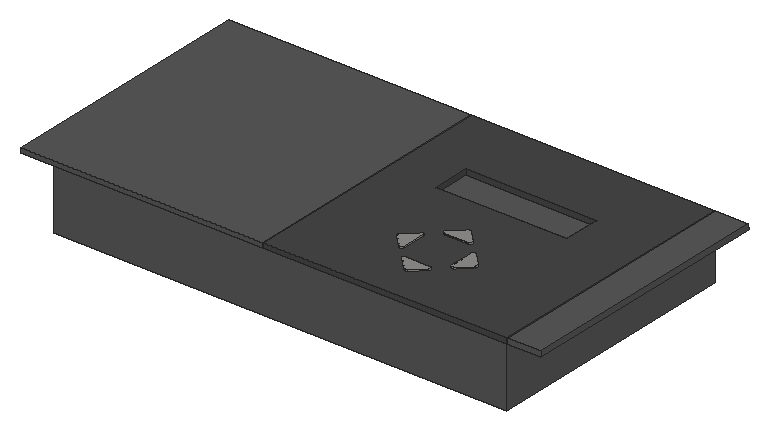
Revit family "Electronics_Masking-Generators_Biamp_Cambridge_Sound-Masking-Control-Module_QT-100", category Communication Devices, host Face, Revit 2020
Family settings
  Host = Face
  Maintain Annotation Orientation = No
  Round Connector Dimension = Use Diameter
  Part Type = Normal
  OmniClass Number = 23.85.10.11.11
  OmniClass Title = Sound and Signal Devices
  Cut with Voids When Loaded = No
  Shared = No
  Room Calculation Point = No
Parameters (values of type "Qt 100")
  Width = 7.00"  # constant formula
  Weight = 0.38 lbf  # constant formula
  Voltage = 120 V
  URL = "https://www.biamp.com/"
  Temperature Range = "40 - 90° F (4 – 32° C)"  # constant formula
  Remote Control = "Captive Screw Terminal; Logic Status (5VDC)\r"  # constant formula
  Product data url = "https://www.bimobject.com/biamp/product/qt-100_masking-generator"
  Product Page URL = "https://www.biamp.com/products/product-families/cambridge/masking-generators#qt-100"
  Product Documentation Link = "https://downloads.biamp.com/assets/docs/default-source/data-sheets/biamp_data_sheet_qt_100-jun21.pdf"
  Power Factor = 1
  Output Connections = "2 RJ-45"  # constant formula
  Number of Remote Control Inputs = "1"  # constant formula
  Number of Poles = 1
  Number of Remote Control Outputs = "1"  # constant formula
  Number of Non-Correlated Masking Sources = "4"  # constant formula
  Number of Masking Zones = "1 (2 cable runs per zone)"  # constant formula
  Model = "Qt 100"
  Minimum Output Impedance = "2Ω (per channel)"  # constant formula
  Minimum Masking SPL = "30dBA"  # constant formula
  Maximum Music/Paging SPL = "62dBA"  # constant formula
  Maximum Masking SPL = "60dBA"  # constant formula
  Max Emitter/Device Capacity = "60 Qt Emitters or Room Controls per cable run\r"  # constant formula
  Max Emitter Cabling Distance = "1000 feet (300m) per cable run"  # constant formula
  Masking Level Adjustment = "0.5dB steps"  # constant formula
  Manufacturer = "Biamp"  # constant formula
  Input Type = "Contact Closure (Normally Open)\r"  # constant formula
  Input Level Adjustment = "1dB steps"  # constant formula
  Input Level = "+4dBu (2VRMS max)"  # constant formula
  Input Impedance = "5kΩ"  # constant formula
  Input Connector = "Captive Screw Terminal & Coax Power Plug (center pin positive)"  # constant formula
  Included Accessories = "ACT Hole Saw"  # constant formula
  Humidity = "0-95% relative humidity (non-condensing)"  # constant formula
  Housing Material = Biamp - Plastic - Black
  Height = 3.50"  # constant formula
  Frequency Response Sound Masking = "200Hz to 6.3kHz"  # constant formula
  Frequency Response Music/Paging = "200Hz to 10kHz"  # constant formula
  Description = "QT® 100 Sound Masking Control Module"  # constant formula
  Depth = 0.875"  # constant formula
  Default Elevation = 48.00"
  Current = 0.6 A
  Connector Type = "Captive Screw Terminal\r"  # constant formula
  Connector Description = "Captive Screw Terminal & Coax Power Plug (center pin positive); 120VAC 50/60Hz"  # constant formula
  Compliance = "FCC Part 15B (USA), ETL Listed (USA and Canada), CE Marked (Europe), RoHS Directive (Europe), Green Spec Listed"  # constant formula
  Audio Inputs Number of Inputs = "1 (Stereo or Mono)"  # constant formula
  Assembly Code = ""
  Apparent Load = Voltage * Current  # 72 VA
  Altitude = "0-6,600 ft (0-2000m) MSL"  # constant formula
Reference planes (in)
  plane 1 "Center (Front/Back)": y = 0
  plane 2: z = 0
  plane 3 "Center (Left/Right)": x = 0
  plane 4: x = -3.5
  plane 5: x = 3.5
  plane 6: y = 1.75
  plane 7: y = -1.75
  plane 8: z = 0.875
Forms (in)
  Extrusion 1, solid, material "Biamp - Plastic - Black" <- "Housing Material"
    sketch origin (0, 1.74435, 0.4375) x (0, -1, 0) y (1, 0, 0)
      loop
        line (-0.00565, -3.5) -> (3.49435, -3.5) -> (3.49435, -0.23379) -> (-0.00565, -0.23379) -> (-0.00565, -3.5)
      loop
        line (-0.00565, 3.5) -> (-0.00565, 3.05029) -> (3.49435, 3.05029) -> (3.49435, 3.5) -> (-0.00565, 3.5)
    from 0.3688 to 0.4375
  Extrusion 2, solid, material "Biamp - Plastic - Black" <- "Housing Material"
    sketch origin (0, 1.74435, 0.4375) x (0, -1, 0) y (1, 0, 0)
      loop
        line (3.49435, 3.05029) -> (-0.00565, 3.05029) -> (-0.00565, -3.05029) -> (3.49435, -3.05029) -> (3.49435, 3.05029)
    from -0.4375 to 0.3688
  Extrusion 3, solid, material "Biamp - LCD - Black", detail levels medium+fine
    sketch origin (0, 1.74435, 0.4375) x (0, -1, 0) y (1, 0, 0)
      loop
        line (3.49435, -0.23379) -> (3.49435, 3.05029) -> (-0.00565, 3.05029) -> (-0.00565, -0.23379) -> (3.49435, -0.23379)
      loop
        line (2.67248, 1.68306) -> (2.51958, 1.83596)
        arc (2.51958, 1.83596) -> (2.49025, 1.84811) -> (2.46093, 1.83596) r 0.04147
        line (2.46093, 1.83596) -> (2.30803, 1.68306)
        arc (2.30803, 1.68306) -> (2.3017, 1.65125) -> (2.32867, 1.63322) r 0.02919
        line (2.32867, 1.63322) -> (2.65183, 1.63322)
        arc (2.65183, 1.63322) -> (2.67881, 1.65125) -> (2.67248, 1.68306) r 0.02919
      loop
        arc (2.67248, 0.93725) -> (2.67881, 0.96906) -> (2.65183, 0.98708) r 0.02919
        line (2.65183, 0.98708) -> (2.32867, 0.98708)
        arc (2.32867, 0.98708) -> (2.3017, 0.96906) -> (2.30803, 0.93725) r 0.02919
        line (2.30803, 0.93725) -> (2.46093, 0.78435)
        arc (2.46093, 0.78435) -> (2.49025, 0.7722) -> (2.51958, 0.78435) r 0.04147
        line (2.51958, 0.78435) -> (2.67248, 0.93725)
      loop
        line (2.86316, 1.12793) -> (3.01606, 1.28083)
        arc (3.01606, 1.28083) -> (3.02821, 1.31015) -> (3.01606, 1.33948) r 0.04147
        line (3.01606, 1.33948) -> (2.86316, 1.49238)
        arc (2.86316, 1.49238) -> (2.83135, 1.4987) -> (2.81332, 1.47173) r 0.02919
        line (2.81332, 1.47173) -> (2.81332, 1.14857)
        arc (2.81332, 1.14857) -> (2.83135, 1.1216) -> (2.86316, 1.12793) r 0.02919
      loop
        arc (2.11735, 1.12793) -> (2.14916, 1.1216) -> (2.16718, 1.14857) r 0.02919
        line (2.16718, 1.14857) -> (2.16718, 1.47173)
        arc (2.16718, 1.47173) -> (2.14916, 1.4987) -> (2.11735, 1.49238) r 0.02919
        line (2.11735, 1.49238) -> (1.96445, 1.33948)
        arc (1.96445, 1.33948) -> (1.9523, 1.31015) -> (1.96445, 1.28083) r 0.04147
        line (1.96445, 1.28083) -> (2.11735, 1.12793)
      loop
        line (1.44354, 0.44708) -> (1.44354, 2.21662) -> (0.93964, 2.21662) -> (0.93964, 0.44708) -> (1.44354, 0.44708)
    from 0.3688 to 0.4375
  Extrusion 4, solid, material "Biamp - Glass - Green", detail levels medium+fine
    sketch origin (0, 1.74435, 0.4375) x (0, -1, 0) y (1, 0, 0)
      loop
        line (0.93964, 0.44708) -> (1.44354, 0.44708) -> (1.44354, 2.21662) -> (0.93964, 2.21662) -> (0.93964, 0.44708)
    from 0.3688 to 0.4375
  Extrusion 5, solid, material "Biamp - Plastic - Gray", detail levels medium+fine
    sketch origin (0, 1.74435, 0.4375) x (0, -1, 0) y (1, 0, 0)
      loop
        line (2.67248, 1.68306) -> (2.51958, 1.83596)
        arc (2.51958, 1.83596) -> (2.49025, 1.84811) -> (2.46093, 1.83596) r 0.04147
        line (2.46093, 1.83596) -> (2.30803, 1.68306)
        arc (2.30803, 1.68306) -> (2.3017, 1.65125) -> (2.32867, 1.63322) r 0.02919
        line (2.32867, 1.63322) -> (2.65183, 1.63322)
        arc (2.65183, 1.63322) -> (2.67881, 1.65125) -> (2.67248, 1.68306) r 0.02919
      loop
        arc (2.67248, 0.93725) -> (2.67881, 0.96906) -> (2.65183, 0.98708) r 0.02919
        line (2.65183, 0.98708) -> (2.32867, 0.98708)
        arc (2.32867, 0.98708) -> (2.3017, 0.96906) -> (2.30803, 0.93725) r 0.02919
        line (2.30803, 0.93725) -> (2.46093, 0.78435)
        arc (2.46093, 0.78435) -> (2.49025, 0.7722) -> (2.51958, 0.78435) r 0.04147
        line (2.51958, 0.78435) -> (2.67248, 0.93725)
      loop
        line (2.86316, 1.12793) -> (3.01606, 1.28083)
        arc (3.01606, 1.28083) -> (3.02821, 1.31015) -> (3.01606, 1.33948) r 0.04147
        line (3.01606, 1.33948) -> (2.86316, 1.49238)
        arc (2.86316, 1.49238) -> (2.83135, 1.4987) -> (2.81332, 1.47173) r 0.02919
        line (2.81332, 1.47173) -> (2.81332, 1.14857)
        arc (2.81332, 1.14857) -> (2.83135, 1.1216) -> (2.86316, 1.12793) r 0.02919
      loop
        arc (2.11735, 1.12793) -> (2.14916, 1.1216) -> (2.16718, 1.14857) r 0.02919
        line (2.16718, 1.14857) -> (2.16718, 1.47173)
        arc (2.16718, 1.47173) -> (2.14916, 1.4987) -> (2.11735, 1.49238) r 0.02919
        line (2.11735, 1.49238) -> (1.96445, 1.33948)
        arc (1.96445, 1.33948) -> (1.9523, 1.31015) -> (1.96445, 1.28083) r 0.04147
        line (1.96445, 1.28083) -> (2.11735, 1.12793)
    from 0.3688 to 0.44881
  Extrusion 6, solid, material "Biamp - LCD - Black", detail levels coarse
    sketch origin (0, 1.74435, 0.4375) x (0, -1, 0) y (1, 0, 0)
      loop
        line (3.49435, -0.23379) -> (3.49435, 3.05029) -> (-0.00565, 3.05029) -> (-0.00565, -0.23379) -> (3.49435, -0.23379)
    from 0.3688 to 0.4375
  Extrusion 7, solid, not visible
    sketch origin (0, 0, 0) x (0, 1, 0) y (0, 0, 1)
      loop
        circle (0.45664, 0.42773) r 0.1
      loop
        circle (0.69549, 0.42773) r 0.1
      loop
        circle (0.22227, 0.42773) r 0.1
      loop
        circle (-0.01211, 0.42773) r 0.1
      loop
        circle (-0.24648, 0.42773) r 0.1
    from -3.05029 to -2.89545
Lines and regions (in)
  Masking region 1
    outline origin (0, 0, 0) x (1, 0, 0) y (0, 0, 1)
      loop
        line (-3.5, 0.875) -> (-3.5, 0.8063) -> (-3.05029, 0.8063) -> (-3.05029, 0) -> (3.05029, 0) -> (3.05029, 0.8063) -> (3.5, 0.8063) -> (3.5, 0.875) -> (-3.5, 0.875)
  symbolic lines
    curve 1: line (-3.05029, 0, 0.8063) -> (3.05029, 0, 0.8063)
Dimensions and locks (in)
  equal spacing: plane 6, plane 1 "Center (Front/Back)", plane 7
  equal spacing: plane 4, plane 3 "Center (Left/Right)", plane 5
  "Width": plane 4 to plane 5
  "Height": plane 6 to plane 7
  "Depth": plane 8 to plane 2
  aligned and locked: plane 2 to host face
  aligned and locked: level to host face
Automatic sketch dimensions
  host sketch curve to host sketch curve = 96.00"  (x2)
  Extrusion 1 sketch curve to plane 4 = 0.00"
  Extrusion 1 sketch curve to plane 6 = 0.00"  (x2)
  Extrusion 1 sketch curve to plane 5 = 0.00"
  Extrusion 1 sketch curve to plane 7 = 0.00"  (x2)
  Extrusion 1 sketch curve to plane 3 "Center (Left/Right)" = 0.23379"
  Extrusion 1 sketch curve to Extrusion 1 sketch curve = 0.44971"
  Extrusion 2 sketch curve to plane 6 = 0.00"
  Extrusion 2 sketch curve to plane 7 = 0.00"
  plane 4 to Extrusion 2 sketch curve = 0.44971"
  Extrusion 2 sketch curve to plane 5 = 0.44971"
  Extrusion 3 sketch curve to plane 6 = 0.00"
  Extrusion 3 sketch curve to plane 7 = 0.00"
  Extrusion 3 sketch curve to plane 1 "Center (Front/Back)" = 0.80472"
  Extrusion 3 sketch curve to plane 1 "Center (Front/Back)" = 0.30081"
  plane 1 "Center (Front/Back)" to Extrusion 3 sketch curve = 0.2201"
  Extrusion 3 sketch curve to Extrusion 3 sketch curve = 0.00"
  Extrusion 3 sketch curve to Extrusion 3 sketch curve = 0.02932"  (x11)
  Extrusion 3 sketch curve to Extrusion 3 sketch curve = 0.1529"  (x8)
  Extrusion 3 sketch curve to Extrusion 3 sketch curve = 0.02064"  (x9)
  Extrusion 3 sketch curve to Extrusion 3 sketch curve = 0.02919"  (x5)
  Extrusion 3 sketch curve to Extrusion 3 sketch curve = 0.14085"  (x4)
  Extrusion 3 sketch curve to Extrusion 3 sketch curve = 0.16158"  (x4)
  Extrusion 3 sketch curve to Extrusion 3 sketch curve = 0.16149"  (x2)
  Extrusion 3 sketch curve to Extrusion 3 sketch curve = 0.14422"  (x2)
  Extrusion 3 sketch curve to plane 3 "Center (Left/Right)" = 0.23379"
  plane 3 "Center (Left/Right)" to Extrusion 3 sketch curve = 0.44708"
  plane 3 "Center (Left/Right)" to Extrusion 3 sketch curve = 0.78435"
  Extrusion 3 sketch curve to Extrusion 3 sketch curve = 0.72424"
  Extrusion 3 sketch curve to plane 5 = 0.44971"
  Extrusion 4 sketch curve to plane 1 "Center (Front/Back)" = 0.80472"
  Extrusion 4 sketch curve to plane 1 "Center (Front/Back)" = 0.30081"
  plane 3 "Center (Left/Right)" to Extrusion 4 sketch curve = 0.44708"
  Extrusion 4 sketch curve to plane 5 = 1.28338"
  plane 1 "Center (Front/Back)" to Extrusion 5 sketch curve = 0.2201"
  Extrusion 5 sketch curve to Extrusion 5 sketch curve = 0.00"
  Extrusion 5 sketch curve to Extrusion 5 sketch curve = 0.02932"  (x11)
  Extrusion 5 sketch curve to Extrusion 5 sketch curve = 0.1529"  (x8)
  Extrusion 5 sketch curve to Extrusion 5 sketch curve = 0.02064"  (x9)
  Extrusion 5 sketch curve to Extrusion 5 sketch curve = 0.02919"  (x5)
  Extrusion 5 sketch curve to Extrusion 5 sketch curve = 0.14085"  (x4)
  Extrusion 5 sketch curve to Extrusion 5 sketch curve = 0.16158"  (x4)
  Extrusion 5 sketch curve to Extrusion 5 sketch curve = 0.16149"  (x2)
  Extrusion 5 sketch curve to Extrusion 5 sketch curve = 0.14422"  (x2)
  plane 3 "Center (Left/Right)" to Extrusion 5 sketch curve = 0.78435"
  Extrusion 6 sketch curve to plane 6 = 0.00"
  Extrusion 6 sketch curve to plane 7 = 0.00"
  Extrusion 6 sketch curve to plane 3 "Center (Left/Right)" = 0.23379"
  Extrusion 6 sketch curve to plane 5 = 0.44971"
  Masking region 1 sketch curve to plane 4 = 0.00"
  Masking region 1 sketch curve to level = 0.00"
  Masking region 1 sketch curve to plane 5 = 0.00"
  Masking region 1 sketch curve to plane 8 = 0.00"
  Masking region 1 sketch curve to plane 8 = 0.0687"
  plane 4 to Masking region 1 sketch curve = 0.44971"
  Masking region 1 sketch curve to plane 5 = 0.44971"
  Masking region 1 sketch curve to Masking region 1 sketch curve = 0.0687"
  curve 1 to plane 8 = 0.0687"
  plane 4 to curve 1 = 0.44971"
  curve 1 to plane 5 = 0.44971"
  plane 1 "Center (Front/Back)" to Extrusion 7 sketch curve = 0.24648"
  plane 1 "Center (Front/Back)" to Extrusion 7 sketch curve = 0.01211"
  Extrusion 7 sketch curve to plane 1 "Center (Front/Back)" = 0.22227"
  Extrusion 7 sketch curve to Extrusion 7 sketch curve = 0.23437"
  Extrusion 7 sketch curve to Extrusion 7 sketch curve = 0.23884"
  level to Extrusion 7 sketch curve = 0.42773"  (x2)
  Extrusion 7 sketch curve to Extrusion 7 sketch curve = 0.00"  (x3)
  radius of Extrusion 7 sketch curve = 0.10"  (x5)
Connectors (in)
  electrical at (-3.05029, 0.69549, 0.42773), driven by "Number of Poles", driven by "Voltage", driven by "Apparent Load", driven by "Power Factor", driven by "Connector Description"
    settings: on Extrusion 7, index 1, voltage 120 V, apparent load 0 VA, apparent load phase1 72 VA, apparent load phase2 0 VA, apparent load phase3 0 VA, power factor 1, load classification "Other", number of poles 1, system type 31, power factor state 1, is connector primary yes, connector utility no, sub classification motor no, connector description "Captive Screw Terminal & Coax Power Plug (center pin positive); 120VAC 50/60Hz"
  electrical at (-3.05029, 0.45664, 0.42773)
    settings: on Extrusion 7, index 2, voltage 0 V, apparent load 0 VA, apparent load phase1 0 VA, apparent load phase2 0 VA, apparent load phase3 0 VA, power factor 1, load classification "Other", number of poles 1, system type 5, power factor state 1, is connector primary no, connector utility no, sub classification motor no, connector description "Control Output; Captive Screw Terminal"
  electrical at (-3.05029, 0.22227, 0.42773)
    settings: on Extrusion 7, index 3, voltage 0 V, apparent load 0 VA, apparent load phase1 0 VA, apparent load phase2 0 VA, apparent load phase3 0 VA, power factor 1, load classification "Other", number of poles 1, system type 5, power factor state 1, is connector primary no, connector utility no, sub classification motor no, connector description "Control Input; Captive Screw Terminal"
  electrical at (-3.05029, -0.01211, 0.42773)
    settings: on Extrusion 7, index 4, voltage 0 V, apparent load 0 VA, apparent load phase1 0 VA, apparent load phase2 0 VA, apparent load phase3 0 VA, power factor 1, load classification "Other", number of poles 1, system type 5, power factor state 1, is connector primary no, connector utility no, sub classification motor no, connector description "Output; RJ-45"
  electrical at (-3.05029, -0.24648, 0.42773)
    settings: on Extrusion 7, index 5, voltage 0 V, apparent load 0 VA, apparent load phase1 0 VA, apparent load phase2 0 VA, apparent load phase3 0 VA, power factor 1, load classification "Other", number of poles 1, system type 5, power factor state 1, is connector primary no, connector utility no, sub classification motor no, connector description "Output; RJ-45"
